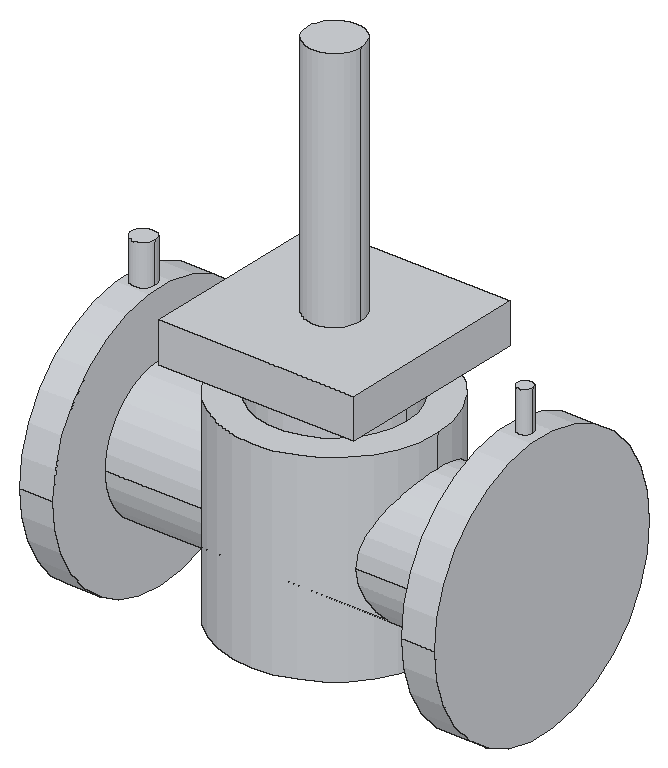
Revit family "OPTIMA_Compact_FLANGE_PN25_DN080-LF_RFA_2019", category Pipe Accessories, Revit 2019
Family settings
  Round Connector Dimension = Use Diameter
  Part Type = Valve - Breaks Into
  Work Plane-Based = No
  Always vertical = Yes
  Cut with Voids When Loaded = No
  Shared = No
Parameters (values of type "Optima Compact Flange PN25 DN080 LF")
  magiProductId = "Frese Optima Flange DN080 LF"
  magiProductFamilyId = "Frese Optima Flange *"
  magiPartTypeId = 304
  isMeasuringValve [instance] = no
  ang2D [instance] = 0.00°
  W2D = 50 mm
  VersionID = "2.0/2018.8.28.1/FRESE_OPTIMA_FLANGE_Q13_002"
  Use Minimum Symbol Size [instance] = yes
  URL = "www.hydronic.cz"
  Type Comments = "Přírubový; PN25; 0~120°C, s měřením"
  R4 = 54.25 mm
  R3 = 52 mm
  R1 = 77.5 mm
  QmdConnectorList = "301;D;302;D"
  Productdata [instance] = ""
  Manufacturer = "Hydronic Systems Prague s.r.o."
  MC Product Code = "53-1222 (DN80 LF; 20mm; pohon min 1000N; Qmin-dpmin 5300l/h-16.0kPa; Qmax-dpmin 34000l/h-25.0kPa; dpmax 800kPa)"
  MC Piping Given Pressure Drop [instance] = 0.0 Pa
  LF__ve = -LF  # -24.8 mm
  LF2 = 12.4 mm
  LF = 24.8 mm
  L4 = 145.7 mm
  L3 = 260.4 mm
  L2D_Min = 3048 mm
  L2D = 230 mm
  L2 = 155 mm
  H6 = 183 mm
  H4 = 30 mm
  H3 = 25 mm
  H2 = 75 mm
  H1 = 150 mm
  Description = "Tlakově nezávislý 2-cestný regulační vyvažovací ventil (PICV)"
  DF2 = 100 mm
  D = 80 mm
  CAT0 = yes
Types (14, lengths in mm): name | magiProductId | magiProductFamilyId | W2D | Type Comments | R4 | R3 | R1 | MC Product Code | LF__ve | LF2 | LF | L4 | L3 | L2D | L2 | H6 | H4 | H3 | H2 | H1 | DF2 | D
  Optima Compact Flange PN25 DN050 LF | "Frese Optima Flange DN050 LF" | "Frese Optima Flange *" | 50 | "Přírubový; PN25; 0~120°C, s měřením" | 40.3 | 42.9 | 57.5 | "53-1220 (DN50 LF; 20mm; pohon min 1000N; Qmin-dpmin 2500l/h-6.5kPa; Qmax-dpmin 15000l/h-20.0kPa; dpmax 800kPa)" | -18.4 | 9.2 | 18.4 | 108.1 | 193.2 | 230 | 115 | 157.3 | 24.8 | 20.6 | 61.9 | 123.8 | 82.5 | 50
  Optima Compact Flange PN25 DN050 HF | "Frese Optima Flange DN050 HF" | "Frese Optima Flange *" | 50 | "Přírubový; PN25; 0~120°C, s měřením" | 40.25 | 42.9 | 57.5 | "53-1230 (DN50 HF; 20mm; pohon min 1000N; Qmin-dpmin 3900l/h-19.0kPa; Qmax-dpmin 24000l/h-50.0kPa; dpmax 800kPa)" | -18.4 | 9.2 | 18.4 | 108.1 | 193.2 | 230 | 115 | 157.25 | 24.75 | 20.625 | 61.875 | 123.75 | 82.5 | 50
  Optima Compact Flange PN25 DN065 LF | "Frese Optima Flange DN065 LF" | "Frese Optima Flange *" | 50 | "Přírubový; PN25; 0~120°C, s měřením" | 50.75 | 48.1 | 72.5 | "53-1221 (DN65 LF; 20mm; pohon min 1000N; Qmin-dpmin 4400l/h-15.0kPa; Qmax-dpmin 25000l/h-25.0kPa; dpmax 800kPa)" | -23.2 | 11.6 | 23.2 | 136.3 | 243.6 | 230 | 145 | 171.25 | 27.75 | 23.125 | 69.375 | 138.75 | 92.5 | 65
  Optima Compact Flange PN25 DN065 HF | "Frese Optima Flange DN065 HF" | "Frese Optima Flange *" | 50 | "Přírubový; PN25; 0~120°C, s měřením" | 50.75 | 48.1 | 72.5 | "53-1231 (DN65 HF; 20mm; pohon min 1000N; Qmin-dpmin 6000l/h-30.0kPa; Qmax-dpmin 35000l/h-55.0kPa; dpmax 800kPa)" | -23.2 | 11.6 | 23.2 | 136.3 | 243.6 | 230 | 145 | 171.25 | 27.75 | 23.125 | 69.375 | 138.75 | 92.5 | 65
  Optima Compact Flange PN25 DN080 LF | "Frese Optima Flange DN080 LF" | "Frese Optima Flange *" | 50 | "Přírubový; PN25; 0~120°C, s měřením" | 54.25 | 52 | 77.5 | "53-1222 (DN80 LF; 20mm; pohon min 1000N; Qmin-dpmin 5300l/h-16.0kPa; Qmax-dpmin 34000l/h-25.0kPa; dpmax 800kPa)" | -24.8 | 12.4 | 24.8 | 145.7 | 260.4 | 230 | 155 | 183 | 30 | 25 | 75 | 150 | 100 | 80
  Optima Compact Flange PN25 DN080 HF | "Frese Optima Flange DN080 HF" | "Frese Optima Flange *" | 50 | "Přírubový; PN25; 0~120°C, s měřením" | 54.25 | 52 | 77.5 | "53-1232 (DN80 HF; 20mm; pohon min 1000N; Qmin-dpmin 7000l/h-23.0kPa; Qmax-dpmin 43000l/h-50.0kPa; dpmax 800kPa)" | -24.8 | 12.4 | 24.8 | 145.7 | 260.4 | 230 | 155 | 183 | 30 | 25 | 75 | 150 | 100 | 80
  Optima Compact Flange PN25 DN100 LF | "Frese Optima Flange DN100 LF" | "Frese Optima Flange *" | 50 | "Přírubový; PN25; 0~120°C, s měřením" | 61.25 | 61.1 | 87.5 | "53-1223 (DN100 LF; 40mm; pohon min 1000N; Qmin-dpmin 12100l/h-20.0kPa; Qmax-dpmin 68000l/h-35.0kPa; dpmax 800kPa)" | -28 | 14 | 28 | 164.5 | 294 | 230 | 175 | 268.75 | 35.25 | 29.375 | 88.125 | 176.25 | 117.5 | 100
  Optima Compact Flange PN25 DN100 HF | "Frese Optima Flange DN100 HF" | "Frese Optima Flange *" | 50 | "Přírubový; PN25; 0~120°C, s měřením" | 61.25 | 61.1 | 87.5 | "53-1233 (DN100 HF; 40mm; pohon min 1000N; Qmin-dpmin 14800l/h-30.0kPa; Qmax-dpmin 90000l/h-75.0kPa; dpmax 800kPa)" | -28 | 14 | 28 | 164.5 | 294 | 230 | 175 | 268.75 | 35.25 | 29.375 | 88.125 | 176.25 | 117.5 | 100
  Optima Compact Flange PN25 DN125 LF | "Frese Optima Flange DN125 LF" | "Frese Optima Flange *" | 50 | "Přírubový; PN25; 0~120°C, s měřením" | 70 | 70.2 | 100 | "53-1224 (DN125 LF; 40mm; pohon min 1000N; Qmin-dpmin 18500l/h-16.0kPa; Qmax-dpmin 110000l/h-35.0kPa; dpmax 800kPa)" | -32 | 16 | 32 | 188 | 336 | 230 | 200 | 275.5 | 40.5 | 33.75 | 101.25 | 202.5 | 135 | 125
  Optima Compact Flange PN25 DN125 HF | "Frese Optima Flange DN125 HF" | "Frese Optima Flange *" | 50 | "Přírubový; PN25; 0~120°C, s měřením" | 70 | 70.2 | 100 | "53-1234 (DN125 HF; 40mm; pohon min 1000N; Qmin-dpmin 23000l/h-27.0kPa; Qmax-dpmin 135000l/h-53.0kPa; dpmax 800kPa)" | -32 | 16 | 32 | 188 | 336 | 230 | 200 | 275.5 | 40.5 | 33.75 | 101.25 | 202.5 | 135 | 125
  Optima Compact Flange PN25 DN150 LF | "Frese Optima Flange DN150 LF" | "Frese Optima Flange *" | 50 | "Přírubový; PN25; 0~110°C, s měřením" | 84 | 74.1 | 120 | "53-1225 (DN150 LF; 43mm; pohon min 1500N; Qmin-dpmin 25600l/h-21.0kPa; Qmax-dpmin 148000l/h-35.0kPa; dpmax 800kPa)" | -38.4 | 19.2 | 38.4 | 225.6 | 403.2 | 230 | 240 | 279.25 | 42.75 | 35.625 | 106.875 | 213.75 | 142.5 | 150
  Optima Compact Flange PN25 DN150 HF | "Frese Optima Flange DN150 HF" | "Frese Optima Flange *" | 50 | "Přírubový; PN25; 0~110°C, s měřením" | 84 | 74.1 | 120 | "53-1235 (DN150 HF; 43mm; pohon min 1500N; Qmin-dpmin 32000l/h-33.0kPa; Qmax-dpmin 195000l/h-65.0kPa; dpmax 800kPa)" | -38.4 | 19.2 | 38.4 | 225.6 | 403.2 | 230 | 240 | 279.25 | 42.75 | 35.625 | 106.875 | 213.75 | 142.5 | 150
  Optima Compact Flange PN25 DN200 LF | "" | "" | 100 | "Přírubový; PN25; 0~110°C, s měřením" | 164.5 | 98.8 | 235 | "53-1226 (DN200 LF; 43mm; pohon min 1500N; Qmin-dpmin 95000l/h-11.0kPa; Qmax-dpmin 210000l/h-32.0kPa; dpmax 800kPa)" | -48 | 24 | 48 | 282 | 504 | 350 | 300 | 281 | 57 | 15 | 209 | 380 | 190 | 200
  Optima Compact Flange PN25 DN200 HF | "" | "" | 100 | "Přírubový; PN25; 0~110°C, s měřením" | 164.5 | 98.8 | 235 | "53-1236 (DN200 HF; 43mm; pohon min 1500N; Qmin-dpmin 130000l/h-31.0kPa; Qmax-dpmin 280000l/h-78.0kPa; dpmax 800kPa)" | -48 | 24 | 48 | 282 | 504 | 350 | 300 | 281 | 57 | 15 | 209 | 380 | 190 | 200
Reference planes
  plane 1 "Center (Front/Back)": y = 0
  plane 2 "XYPLANE": z = 0
  plane 3 "Center (Left/Right)": x = 0
  plane 4 "157": x = 142.6
  plane 5 "156": x = -142.6
  plane 6 "155": z = 100
  plane 7 "154": z = 130
  plane 8 "153": z = 100
  plane 9 "152": z = 75
  plane 10 "151": x = -130.2
  plane 11 "150": z = -75
  plane 12 "149": x = 0
  plane 13 "148": y = 0
  plane 14 "147": z = 0
  plane 15 "146": x = -155
  plane 16 "145": x = 155
Forms (mm)
  Extrusion 1, solid, visible <- "CAT0"
    sketch origin (-750, 0, 100) x (1, 0, 0) y (0, 1, 0)
      loop
        circle (892.6, 0) r 5.5
    from 0 to 30
  Extrusion 2, solid, visible <- "CAT0"
    sketch origin (-750, 0, 100) x (1, 0, 0) y (0, 1, 0)
      loop
        circle (607.4, 0) r 8.7
    from 0 to 30
  Extrusion 3, solid, visible <- "CAT0"
    sketch origin (-750, 0, 130) x (1, 0, 0) y (0, 1, 0)
      loop
        circle (750, 0) r 20
    from 0 to 183 <- "H6"
  Extrusion 4, solid, visible <- "CAT0"
    sketch origin (-750, 0, 100) x (1, 0, 0) y (0, 1, 0)
      loop
        line (822.85, 72.85) -> (677.15, 72.85) -> (677.15, -72.85) -> (822.85, -72.85) -> (822.85, 72.85)
    from 0 to 30 <- "H4"
  Extrusion 5, solid, visible <- "CAT0"
    sketch origin (-750, 0, 75) x (1, 0, 0) y (0, 1, 0)
      loop
        circle (750, 0) r 54.25
    from 0 to 25 <- "H3"
  Extrusion 6, solid, visible <- "CAT0"
    sketch origin (-130.2, -750, 0) x (0, 1, 0) y (0, 0, 1)
      loop
        circle (750, 0) r 52
    from 0 to 260.4 <- "L3"
  Extrusion 7, solid, visible <- "CAT0"
    sketch origin (-750, 0, -75) x (1, 0, 0) y (0, 1, 0)
      loop
        circle (750, 0) r 77.5
    from 0 to 150 <- "H1"
  Extrusion 8, solid, visible <- "CAT0"
    sketch origin (-155, -750, 0) x (0, 1, 0) y (0, 0, 1)
      loop
        circle (750, 0) r 100
    from 0 to 24.8 <- "LF"
  Extrusion 9, solid, visible <- "CAT0"
    sketch origin (155, -750, 0) x (0, 1, 0) y (0, 0, 1)
      loop
        circle (750, 0) r 100
    from 0 to -24.8 <- "LF__ve"
  Extrusion 10, solid, not visible
    sketch origin (-155, -750, 0) x (0, 1, 0) y (0, 0, 1)
      loop
        circle (750, 0) r 10
    from 0 to 10
  Extrusion 11, solid, not visible
    sketch origin (155, -750, 0) x (0, 1, 0) y (0, 0, 1)
      loop
        circle (750, 0) r 10
    from 0 to -10
Lines and regions (mm)
  reference lines, not visible
    curve 1: circle (2, 2, 0) r 1 normal (0, 0, 1)
  reference lines
    curve 2: circle (0, 0, 100) r 1 normal (0, 0, 1)
Dimensions and locks
  plane 1 "Center (Front/Back)" to curve 1 = 2 mm
  "LF2": plane 16 "145" to plane 4 "157"
  "LF2": plane 15 "146" to plane 5 "156"
  "DF2": plane 2 "XYPLANE" to plane 6 "155"
  "H4": plane 8 "153" to plane 7 "154"
  "H3": plane 9 "152" to plane 8 "153"
  "H1": plane 11 "150" to plane 9 "152"
  "LF": plane 15 "146" to plane 10 "151"
  "H2": plane 2 "XYPLANE" to plane 11 "150"
  locked: plane 3 "Center (Left/Right)" to plane 12 "149"
  locked: plane 1 "Center (Front/Back)" to plane 13 "148"
  locked: plane 2 "XYPLANE" to plane 14 "147"
  "L2": plane 3 "Center (Left/Right)" to plane 15 "146"
  "L2": plane 3 "Center (Left/Right)" to plane 16 "145"
  equal spacing: Extrusion 4 sketch curve, curve 2, Extrusion 4 sketch curve  (x2)
  "L4": Extrusion 4 sketch curve to Extrusion 4 sketch curve  (x2)
  Extrusion 4 sketch curve to Extrusion 4 sketch curve = 0 mm  (x8)
  "R4": radius of Extrusion 5 sketch curve
  "R3": radius of Extrusion 6 sketch curve
  "R1": radius of Extrusion 7 sketch curve
  "DF2": radius of Extrusion 8 sketch curve
  "DF2": radius of Extrusion 9 sketch curve
  aligned and locked: level to plane 2 "XYPLANE"
  aligned and locked: plane 4 "157" to Extrusion 1 sketch curve
  aligned and locked: plane 13 "148" to Extrusion 1 sketch curve
  aligned and locked: plane 5 "156" to Extrusion 2 sketch curve
  aligned and locked: plane 13 "148" to Extrusion 2 sketch curve
  aligned and locked: plane 12 "149" to Extrusion 3 sketch curve
  aligned and locked: plane 13 "148" to Extrusion 3 sketch curve
  aligned and locked: plane 12 "149" to curve 2
  aligned and locked: plane 13 "148" to curve 2
  aligned and locked: plane 12 "149" to Extrusion 5 sketch curve
  aligned and locked: plane 13 "148" to Extrusion 5 sketch curve
  aligned and locked: Extrusion 6 sketch curve to plane 13 "148"
  aligned and locked: plane 14 "147" to Extrusion 6 sketch curve
  aligned and locked: plane 12 "149" to Extrusion 7 sketch curve
  aligned and locked: plane 13 "148" to Extrusion 7 sketch curve
  aligned and locked: Extrusion 8 sketch curve to plane 13 "148"
  aligned and locked: plane 14 "147" to Extrusion 8 sketch curve
  aligned and locked: Extrusion 9 sketch curve to plane 13 "148"
  aligned and locked: plane 14 "147" to Extrusion 9 sketch curve
  aligned and locked: Extrusion 10 sketch curve to plane 13 "148"
  aligned and locked: plane 14 "147" to Extrusion 10 sketch curve
  aligned and locked: Extrusion 11 sketch curve to plane 13 "148"
  aligned and locked: plane 14 "147" to Extrusion 11 sketch curve
Automatic sketch dimensions
  Extrusion 1 sketch curve to plane 4 "157" = 5.5 mm
  plane 15 "146" to Extrusion 2 sketch curve = 3.7 mm
  Extrusion 3 sketch curve to plane 3 "Center (Left/Right)" = 20 mm
  plane 1 "Center (Front/Back)" to Extrusion 10 sketch curve = 10 mm
  plane 1 "Center (Front/Back)" to Extrusion 11 sketch curve = 10 mm
  plane 3 "Center (Left/Right)" to curve 1 = 2 mm
  plane 10 "151" to Extrusion 4 sketch curve = 57.35 mm
  plane 1 "Center (Front/Back)" to Extrusion 4 sketch curve = 72.85 mm
  radius of curve 2 = 1 mm
  radius of curve 1 = 1 mm
Connectors
  piping at (-155, 0, 0), diameter 80, driven by "D"
    settings: on Extrusion 10, index 1, connector inside diameter 609.6 mm, connector length 0 mm, flow factor 0, pipe flow 0.0 L/s, pressure drop 0.0 Pa, fitting loss kfactor 0, connector angle 0.00°, fixture units 0, engagement length 0 mm, angle of deflection 0.00°, flow configuration 0, flow direction 0, fitting loss method 0, system type 29, joint type 0, gender type 0, connector reference index 2, connector utility 0, adjustable connector no, is connector primary yes, connector description ""
  piping at (155, 0, 0), diameter 80, driven by "D"
    settings: on Extrusion 11, index 2, connector inside diameter 609.6 mm, connector length 0 mm, flow factor 0, pipe flow 0.0 L/s, pressure drop 0.0 Pa, fitting loss kfactor 0, connector angle 0.00°, fixture units 0, engagement length 0 mm, angle of deflection 0.00°, flow configuration 0, flow direction 0, fitting loss method 0, system type 29, joint type 0, gender type 0, connector reference index 1, connector utility 0, adjustable connector no, is connector primary no, connector description ""
